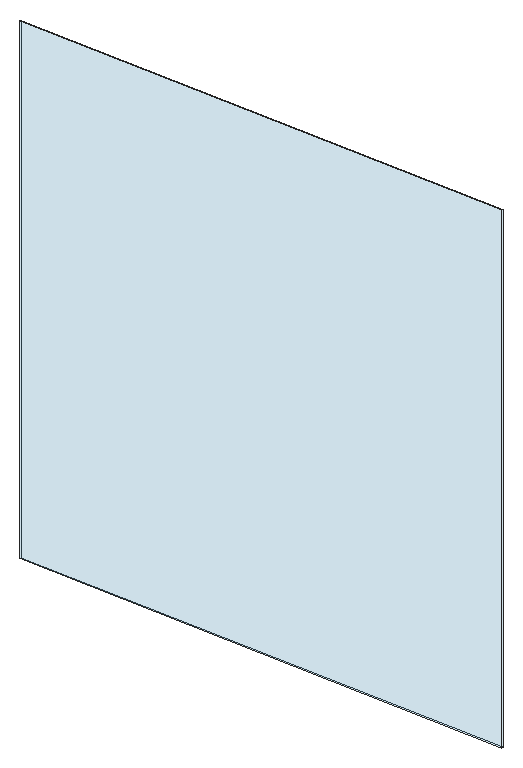
Revit family
Parameters (values of type "72" x 72"")
  Sealant = 0' - 0 3/8"
  SSO [instance] = yes
  SBO [instance] = yes
  Pocket Depth [instance] = 0' - 0 1/2"
  Head Height = Sill Height + Rough Height - Sealant  # 8' - 11 5/8"
  Depth [instance] = 0' - 6"
  Sill Height = 3' - 0"
  Rough Width = 6' - 0"
  Rough Height = 6' - 0"
  Model = "AR600"
  Material = ""
  Manufacturer = "Arcadia"
  Sightline = 0' - 2 3/8"
  Height = Rough Height - Sealant - Sealant  # 5' - 11 1/4"
  Wall Closure = (empty or 0)
  Width = Rough Width - Sealant - Sealant  # 5' - 11 1/4"
  Glass Thickness [instance] = 0' - 0 1/4"
  Offset to Inside Face of Glass [instance] = 0' - 2 7/8"
  Construction Type = "Aluminum"
  Center of Rough Opening [instance] = Rough Width / 2  # 3' - 0"
  Center of Glass [instance] = Glass Thickness / 2  # 0' - 0 1/8"
  Center Wall to Outside Face [instance] = 0' - 2 7/8"
  CSO [instance] = yes
  Assembly Code = ""
Reference planes (in)
  plane 1 "Center (Front/Back)": y = 0
  plane 2: z = 0
  plane 3 "Center (Left/Right)": x = 12
  plane 4 "Rough Opening Bottom": z = 36
  plane 5 "Rough Opening Top": z = 108
  plane 6 "Exterior Face": y = 5.5
  plane 7 "Frame Top": z = 105.625
  plane 8 "Frame Bottom": z = 38.375
  plane 9 "Rough Opening Left": x = -24
  plane 10 "Rough Opening Right": x = 48
  plane 11 "Frame Left": x = -21.625
  plane 12 "Frame Right": x = 45.625
  plane 13 "Exterior Glass Edge": y = 2.01769
  plane 14 "Interior Glass Edge": y = 1.76769
  plane 15 "Glass Centerline": y = 1.89269
  plane 16 "Frame Outside": y = 4.89269
  plane 17 "Frame Inside": y = -1.10731
  plane 18: z = 106.125
  plane 19: z = 37.875
  plane 20: x = 46.125
  plane 21: x = -22.125
  plane 22: x = 47.625
  plane 23: x = -23.625
  plane 24: z = 36.375
  plane 25: z = 107.625
Forms (in)
  Extrusion 1, solid, material "Anodize Arcadia AC2 Clear #11", detail levels coarse
    sketch origin (0, 0, 36) x (0, -1, 0) y (1, 0, 0)
      loop
        line (-4.89269, -24) -> (1.10731, -24) -> (1.10731, -21.625) -> (-1.76769, -21.625) -> (-1.76769, -22.125) -> (-2.01769, -22.125) -> (-2.01769, -21.625) -> (-4.89269, -21.625) -> (-4.89269, -24)
    from 0 to 72 <- "Rough Height"
  Extrusion 2, solid, material "Anodize Arcadia AC2 Clear #11", detail levels coarse
    sketch origin (0, 0, 36) x (0, -1, 0) y (1, 0, 0)
      loop
        line (-4.89269, 45.625) -> (-2.01769, 45.625) -> (-2.01769, 46.125) -> (-1.76769, 46.125) -> (-1.76769, 45.625) -> (1.10731, 45.625) -> (1.10731, 48) -> (-4.89269, 48) -> (-4.89269, 45.625)
    from 0 to 72 <- "Rough Height"
  Extrusion 3, solid, material "Glass"
    sketch origin (-0.5, 0, 36) x (0, -1, 0) y (1, 0, 0)
      loop
        line (-2.01769, -21.625) -> (-1.76769, -21.625) -> (-1.76769, 46.625) -> (-2.01769, 46.625) -> (-2.01769, -21.625)
    from 1.875 to 70.125
  Extrusion 4, solid, material "Anodize Arcadia AC2 Clear #11", detail levels coarse
    sketch origin (-24, 0, 0) x (0, 1, 0) y (0, 0, 1)
      loop
        line (-1.10731, 108) -> (-1.10731, 105.625) -> (1.76769, 105.625) -> (1.76769, 106.125) -> (2.01769, 106.125) -> (2.01769, 105.625) -> (4.89269, 105.625) -> (4.89269, 108) -> (-1.10731, 108)
    from 0 to 72 <- "Rough Width"
  Extrusion 5, solid, material "Anodize Arcadia AC2 Clear #11", detail levels coarse
    sketch origin (-24, 0, 0) x (0, 1, 0) y (0, 0, 1)
      loop
        line (4.89269, 38.375) -> (2.01769, 38.375) -> (2.01769, 37.875) -> (1.76769, 37.875) -> (1.76769, 38.375) -> (-1.10731, 38.375) -> (-1.10731, 36) -> (4.89269, 36) -> (4.89269, 38.375)
    from 0 to 72 <- "Rough Width"
  Extrusion 6, void
    sketch origin (0, 0, 36) x (0, -1, 0) y (1, 0, 0)
      loop
        line (-5.5, -24) -> (2.5, -24) -> (2.5, 48) -> (-5.5, 48) -> (-5.5, -24)
    from 0 to 72 <- "Rough Height"
Lines and regions (in)
  symbolic lines, detail levels coarse
    curve 1: line (-24, 4.89269, 0) -> (-21.625, 4.89269, 0)
    curve 2: line (-21.625, 4.89269, 0) -> (-21.625, 2.01769, 0)
    curve 3: line (46.125, 2.01769, 0) -> (-22.125, 2.01769, 0)
    curve 4: line (-22.125, 2.01769, 0) -> (-22.125, 1.76769, 0)
    curve 5: line (-22.125, 1.76769, 0) -> (46.125, 1.76769, 0)
    curve 6: line (-21.625, 1.76769, 0) -> (-21.625, -1.10731, 0)
    curve 7: line (-21.625, -1.10731, 0) -> (-24, -1.10731, 0)
    curve 8: line (-24, -1.10731, 0) -> (-24, 4.89269, 0)
    curve 9: line (48, 4.89269, 0) -> (45.625, 4.89269, 0)
    curve 10: line (45.625, 4.89269, 0) -> (45.625, 2.01769, 0)
    curve 11: line (46.125, 2.01769, 0) -> (46.125, 1.76769, 0)
    curve 12: line (45.625, 1.76769, 0) -> (45.625, -1.10731, 0)
    curve 13: line (45.625, -1.10731, 0) -> (48, -1.10731, 0)
    curve 14: line (48, -1.10731, 0) -> (48, 4.89269, 0)
Text (in)
  text "EXTERIOR" at (-58.6888, 50.90694, 0), in view "Ref. Level"
  text "INTERIOR" at (-58.6888, -37.76638, 0), in view "Ref. Level"
  text "Exterior" at (0, 43.65631, 123.19604), in view "Left"
  text "Exterior" at (0, 18.29385, 125.04747), in view "Right"
Dimensions and locks (in)
  "Rough Height": plane 4 "Rough Opening Bottom" to plane 5 "Rough Opening Top"
  "Sill Height": plane 2 to plane 4 "Rough Opening Bottom"
  "Sightline": plane 7 "Frame Top" to plane 5 "Rough Opening Top"
  "Sightline": plane 4 "Rough Opening Bottom" to plane 8 "Frame Bottom"
  "Rough Width": plane 9 "Rough Opening Left" to plane 10 "Rough Opening Right"
  "Sightline": plane 9 "Rough Opening Left" to plane 11 "Frame Left"
  "Sightline": plane 12 "Frame Right" to plane 10 "Rough Opening Right"
  "Depth": plane 17 "Frame Inside" to plane 16 "Frame Outside"
  "Glass Thickness": plane 13 "Exterior Glass Edge" to plane 14 "Interior Glass Edge"
  "Center of Glass": plane 15 "Glass Centerline" to plane 14 "Interior Glass Edge"
  "Center of Rough Opening": plane 9 "Rough Opening Left" to plane 3 "Center (Left/Right)"
  "Offset to Inside Face of Glass": plane 17 "Frame Inside" to plane 14 "Interior Glass Edge"
  "Pocket Depth": plane 12 "Frame Right" to plane 20
  "Pocket Depth": plane 21 to plane 11 "Frame Left"
  "Pocket Depth": plane 7 "Frame Top" to plane 18
  "Pocket Depth": plane 19 to plane 8 "Frame Bottom"
  "Sealant": plane 9 "Rough Opening Left" to plane 23
  "Sealant": plane 22 to plane 10 "Rough Opening Right"
  "Sealant": plane 4 "Rough Opening Bottom" to plane 24
  "Sealant": plane 25 to plane 5 "Rough Opening Top"
  aligned and locked: plane 6 "Exterior Face" to host wall
  aligned and locked: Extrusion 1 sketch curve to plane 17 "Frame Inside"
  aligned and locked: plane 16 "Frame Outside" to Extrusion 1 sketch curve
  aligned and locked: Extrusion 1 sketch curve to plane 11 "Frame Left"
  aligned and locked: plane 9 "Rough Opening Left" to Extrusion 1 sketch curve
  aligned and locked: plane 12 "Frame Right" to Extrusion 2 sketch curve
  aligned and locked: Extrusion 2 sketch curve to plane 10 "Rough Opening Right"
  aligned and locked: Extrusion 2 sketch curve to plane 17 "Frame Inside"
  aligned and locked: plane 16 "Frame Outside" to Extrusion 2 sketch curve
  aligned and locked: Extrusion 3 sketch curve to plane 13 "Exterior Glass Edge"
  aligned and locked: plane 14 "Interior Glass Edge" to Extrusion 3 sketch curve
  aligned and locked: plane 5 "Rough Opening Top" to Extrusion 4 sketch curve
  aligned and locked: Extrusion 4 sketch curve to plane 7 "Frame Top"
  aligned and locked: Extrusion 4 sketch curve to plane 17 "Frame Inside"
  aligned and locked: plane 16 "Frame Outside" to Extrusion 4 sketch curve
  aligned and locked: Extrusion 5 sketch curve to plane 4 "Rough Opening Bottom"
  aligned and locked: plane 8 "Frame Bottom" to Extrusion 5 sketch curve
  aligned and locked: Extrusion 5 sketch curve to plane 17 "Frame Inside"
  aligned and locked: plane 16 "Frame Outside" to Extrusion 5 sketch curve
  aligned and locked: plane 4 "Rough Opening Bottom" to nested 3
  aligned and locked: nested 2 to plane 5 "Rough Opening Top"
  aligned and locked: plane 19 to Extrusion 3
  aligned and locked: Extrusion 3 to plane 18
  aligned and locked: plane 17 "Frame Inside" to nested 3
  aligned and locked: plane 17 "Frame Inside" to nested 2
  aligned and locked: nested 1 to plane 16 "Frame Outside"
  aligned and locked: plane 10 "Rough Opening Right" to nested 1
  aligned and locked: nested 4 to plane 9 "Rough Opening Left"
  aligned and locked: plane 17 "Frame Inside" to nested 4
  aligned and locked: plane 13 "Exterior Glass Edge" to Extrusion 5 sketch curve
  aligned and locked: Extrusion 5 sketch curve to plane 14 "Interior Glass Edge"
  aligned and locked: plane 19 to Extrusion 5 sketch curve
  aligned and locked: Extrusion 4 sketch curve to plane 13 "Exterior Glass Edge"
  aligned and locked: plane 18 to Extrusion 4 sketch curve
  aligned and locked: plane 14 "Interior Glass Edge" to Extrusion 4 sketch curve
  aligned and locked: plane 14 "Interior Glass Edge" to Extrusion 2 sketch curve
  aligned and locked: Extrusion 2 sketch curve to plane 20
  aligned and locked: Extrusion 2 sketch curve to plane 13 "Exterior Glass Edge"
  aligned and locked: Extrusion 1 sketch curve to plane 14 "Interior Glass Edge"
  aligned and locked: Extrusion 1 sketch curve to plane 21
  aligned and locked: plane 13 "Exterior Glass Edge" to Extrusion 1 sketch curve
  aligned and locked: plane 16 "Frame Outside" to curve 1
  aligned and locked: plane 9 "Rough Opening Left" to curve 8
  aligned and locked: curve 2 to plane 11 "Frame Left"
  aligned and locked: curve 6 to plane 11 "Frame Left"
  aligned and locked: curve 4 to plane 21
  aligned and locked: curve 7 to plane 17 "Frame Inside"
  aligned and locked: curve 5 to plane 14 "Interior Glass Edge"
  aligned and locked: plane 13 "Exterior Glass Edge" to curve 3
  aligned and locked: curve 10 to plane 12 "Frame Right"
  aligned and locked: curve 12 to plane 12 "Frame Right"
  aligned and locked: curve 11 to plane 20
  aligned and locked: plane 10 "Rough Opening Right" to curve 14
  aligned and locked: curve 9 to plane 16 "Frame Outside"
  aligned and locked: plane 17 "Frame Inside" to curve 13
  aligned and locked: plane 16 "Frame Outside" to import instance  (x3)
  aligned and locked: plane 9 "Rough Opening Left" to import instance  (x3)
  aligned and locked: import instance to plane 16 "Frame Outside"  (x3)
  aligned and locked: import instance to plane 10 "Rough Opening Right"  (x3)
  aligned and locked: plane 13 "Exterior Glass Edge" to import instance  (x3)
  aligned and locked: import instance to plane 4 "Rough Opening Bottom"  (x3)
  aligned and locked: import instance to plane 13 "Exterior Glass Edge"  (x3)
  aligned and locked: plane 5 "Rough Opening Top" to import instance  (x3)
  aligned and locked: level to plane 2
  aligned and locked: plane 9 "Rough Opening Left" to Extrusion 6 sketch curve
  aligned and locked: plane 6 "Exterior Face" to Extrusion 6 sketch curve
  aligned and locked: host wall to Extrusion 6 sketch curve
  aligned and locked: plane 10 "Rough Opening Right" to Extrusion 6 sketch curve
Automatic sketch dimensions
  Extrusion 3 sketch curve to plane 21 = 0' - 0"
  Extrusion 3 sketch curve to plane 20 = 0' - 0"
  Extrusion 5 sketch curve to plane 8 "Frame Bottom" = 0' - 0"
  Extrusion 4 sketch curve to plane 7 "Frame Top" = 0' - 0"
  Extrusion 2 sketch curve to plane 12 "Frame Right" = 0' - 0"
  Extrusion 1 sketch curve to plane 11 "Frame Left" = 0' - 0"
Nested families (in)
  nested 1: "Window-Arcadia-AR600-Med-Jamb-R" at (46.9375, 1.89269, 0) x (-1, 0, 0) z (0, 0, 1), type "Window-Arcadia-AR600-Med-Jamb-R", detail levels medium
    with Sightline 0' - 2 3/8", Pocket Depth 0' - 0 1/2", Offset to Inside Face of Glass 0' - 2 7/8", Glass Width 0' - 0 1/4", Frame Wall Thickness 0' - 0 3/32", Depth 0' - 6", Center of Glass 0' - 0 1/8"
  nested 2: "Window-Arcadia-AR600-Med-Head" at (33.875, 1.89269, 108) x (0, -1, 0) z (1, 0, 0), type "Window-Arcadia-AR600-Med-Head", detail levels medium
    with Sightline 0' - 2 3/8", Pocket Depth 0' - 0 1/2", Offset to Inside Face of Glass 0' - 2 7/8", Glass Width 0' - 0 1/4", Frame Wall Thickness 0' - 0 3/32", Depth 0' - 6", Center of Glass 0' - 0 1/8"
  nested 3: "Window-Arcadia-AR600-Med-Sill" at (33.875, 1.89269, 36) x (0, -1, 0) z (1, 0, 0), type "Window-Arcadia-AR600-Med-Sill", detail levels medium
    with Sightline 0' - 2 3/8", Pocket Depth 0' - 0 1/2", Offset to Inside Face of Glass 0' - 2 7/8", Glass Width 0' - 0 1/4", Frame Wall Thickness 0' - 0 3/32", Depth 0' - 6", Center of Glass 0' - 0 1/8"
  nested 4: "Window-Arcadia-AR600-Med-Jamb-L" at (-22.9375, 1.89269, 0) x (-1, 0, 0) z (0, 0, 1), type "Window-Arcadia-AR600-Med-Jamb-L", detail levels medium
    with Sightline 0' - 2 3/8", Pocket Depth 0' - 0 1/2", Offset to Inside Face of Glass 0' - 2 7/8", Glass Width 0' - 0 1/4", Frame Wall Thickness 0' - 0 3/32", Depth 0' - 6", Center of Glass 0' - 0 1/8"
Definition of nested family "Window-Arcadia-AR600-Med-Jamb-R"
  Parameters (values of type "Window-Arcadia-TC670-Med-Jamb-R")
    Depth [instance] = 0' - 6"
    Pocket Depth [instance] = 0' - 0 3/4"
    Offset to Inside Face of Glass [instance] = 0' - 4"
    Glass Width [instance] = 0' - 1"
    Sightline [instance] = 0' - 2 5/8"
    Center of Glass [instance] = Glass Width / 2  # 0' - 0 1/2"
    Frame Wall Thickness [instance] = 0' - 0 3/32"
    Assembly Code = ""
  Reference planes (in)
    plane 1 "Center (Front/Back)": y = 0
    plane 2: z = 0
    plane 3: x = 1.5625
    plane 4 "back": x = -1.0625
    plane 5: y = 4.5
    plane 6: y = -1.5
    plane 7 "Inside Face of Glass": y = 0.5
    plane 8: y = -0.5
    plane 9: x = 0.8125
  Lines and regions (in)
    detail lines, in view "Ref. Level", detail levels medium
      curve 1: line (-1.0625, 4.5, 0) -> (-1.0625, -1.5, 0)
      curve 2: line (-1.0625, -1.5, 0) -> (1.5625, -1.5, 0)
      curve 3: line (1.5625, -1.5, 0) -> (1.5625, -0.5, 0)
      curve 4: line (1.5625, -0.5, 0) -> (0.8125, -0.5, 0)
      curve 5: line (0.8125, -0.5, 0) -> (0.8125, 0.5, 0)
      curve 6: line (0.8125, 0.5, 0) -> (1.5625, 0.5, 0)
      curve 7: line (1.5625, 0.5, 0) -> (1.5625, 4.5, 0)
      curve 8: line (1.5625, 4.5, 0) -> (-1.0625, 4.5, 0)
      curve 9: line (1.46875, 4.40625, 0) -> (-0.96875, 4.40625, 0)
      curve 10: line (-0.96875, 4.40625, 0) -> (-0.96875, -1.40625, 0)
      curve 11: line (-0.96875, -1.40625, 0) -> (1.46875, -1.40625, 0)
      curve 12: line (1.46875, -1.40625, 0) -> (1.46875, -0.59375, 0)
      curve 13: line (1.46875, -0.59375, 0) -> (0.71875, -0.59375, 0)
      curve 14: line (0.71875, -0.59375, 0) -> (0.71875, 0.59375, 0)
      curve 15: line (0.71875, 0.59375, 0) -> (1.46875, 0.59375, 0)
      curve 16: line (1.46875, 0.59375, 0) -> (1.46875, 4.40625, 0)
      curve 17: line (1.5625, 4.5, 0) -> (-1.0625, 4.5, 0)
      curve 18: line (-1.0625, 4.40625, 0) -> (-1.0625, -1.5, 0)
  Dimensions and locks (in)
    "Sightline": plane 4 "back" to plane 3
    "Depth": plane 5 to plane 6
    "Center of Glass": plane 1 "Center (Front/Back)" to plane 7 "Inside Face of Glass"
    "Glass Width": plane 8 to plane 7 "Inside Face of Glass"
    "Pocket Depth": plane 9 to plane 3
    "Offset to Inside Face of Glass": plane 5 to plane 7 "Inside Face of Glass"
    "Frame Wall Thickness": plane 5 to curve 9
    "Frame Wall Thickness": plane 4 "back" to curve 10
    "Frame Wall Thickness": curve 11 to plane 6
    "Frame Wall Thickness": curve 12 to plane 3
    "Frame Wall Thickness": curve 13 to plane 8
    "Frame Wall Thickness": plane 7 "Inside Face of Glass" to curve 15
    "Frame Wall Thickness": curve 14 to plane 9
    "Frame Wall Thickness": curve 16 to plane 3
    aligned and locked: plane 5 to curve 8
    aligned and locked: curve 1 to plane 4 "back"
    aligned and locked: curve 2 to plane 6
    aligned and locked: plane 3 to curve 3
    aligned and locked: curve 4 to plane 8
    aligned and locked: plane 9 to curve 5
    aligned and locked: plane 7 "Inside Face of Glass" to curve 6
    aligned and locked: plane 3 to curve 7
  Automatic sketch dimensions
    curve 18 to curve 9 = 0' - 0"
Definition of nested family "Window-Arcadia-AR600-Med-Head"
  Parameters (values of type "Window-Arcadia-A400-Med-Head")
    Depth [instance] = 0' - 6"
    Pocket Depth [instance] = 0' - 0 1/2"
    Offset to Inside Face of Glass [instance] = 0' - 4"
    Glass Width [instance] = 0' - 1"
    Sightline [instance] = 0' - 2 5/8"
    Center of Glass [instance] = Glass Width / 2  # 0' - 0 1/2"
    Frame Wall Thickness [instance] = 0' - 0 3/32"
    Assembly Code = ""
  Reference planes (in)
    plane 1 "Center (Front/Back)": y = 0
    plane 2: z = 0
    plane 3 "Center (Left/Right)": x = 0
    plane 4: x = -0.5
    plane 5 "Inside Face of Glass": x = 0.5
    plane 6: y = -2.625
    plane 7: x = 4.5
    plane 8: x = -1.5
    plane 9: y = -2.125
  Lines and regions (in)
    detail lines, in view "Ref. Level", detail levels medium
      curve 1: line (-1.5, 0, 0) -> (-1.5, -2.625, 0)
      curve 2: line (-1.5, -2.625, 0) -> (-0.5, -2.625, 0)
      curve 3: line (-0.5, -2.625, 0) -> (-0.5, -2.125, 0)
      curve 4: line (-0.5, -2.125, 0) -> (0.5, -2.125, 0)
      curve 5: line (0.5, -2.125, 0) -> (0.5, -2.625, 0)
      curve 6: line (0.5, -2.625, 0) -> (4.5, -2.625, 0)
      curve 7: line (4.5, -2.625, 0) -> (4.5, 0, 0)
      curve 8: line (4.5, 0, 0) -> (-1.5, 0, 0)
      curve 9: line (-1.40625, -0.09375, 0) -> (-1.40625, -2.53125, 0)
      curve 10: line (4.40625, -0.09375, 0) -> (-1.40625, -0.09375, 0)
      curve 11: line (4.40625, -2.53125, 0) -> (4.40625, -0.09375, 0)
      curve 12: line (0.59375, -2.53125, 0) -> (4.40625, -2.53125, 0)
      curve 13: line (-1.40625, -2.53125, 0) -> (-0.59375, -2.53125, 0)
      curve 14: line (-0.59375, -2.53125, 0) -> (-0.59375, -2.03125, 0)
      curve 15: line (-0.59375, -2.03125, 0) -> (0.59375, -2.03125, 0)
      curve 16: line (0.59375, -2.03125, 0) -> (0.59375, -2.53125, 0)
  Dimensions and locks (in)
    "Sightline": plane 6 to plane 1 "Center (Front/Back)"
    "Depth": plane 8 to plane 7
    "Pocket Depth": plane 6 to plane 9
    "Offset to Inside Face of Glass": plane 5 "Inside Face of Glass" to plane 7
    "Glass Width": plane 4 to plane 5 "Inside Face of Glass"
    "Center of Glass": plane 3 "Center (Left/Right)" to plane 5 "Inside Face of Glass"
    "Frame Wall Thickness": plane 8 to curve 9
    "Frame Wall Thickness": curve 10 to plane 1 "Center (Front/Back)"
    "Frame Wall Thickness": curve 11 to plane 7
    "Frame Wall Thickness": plane 6 to curve 12
    "Frame Wall Thickness": plane 6 to curve 13
    "Frame Wall Thickness": plane 9 to curve 15
    "Frame Wall Thickness": plane 5 "Inside Face of Glass" to curve 16
    "Frame Wall Thickness": curve 14 to plane 4
    aligned and locked: curve 8 to plane 1 "Center (Front/Back)"
    aligned and locked: plane 7 to curve 7
    aligned and locked: curve 1 to plane 8
    aligned and locked: plane 9 to curve 4
    aligned and locked: plane 4 to curve 3
    aligned and locked: plane 6 to curve 2
    aligned and locked: plane 6 to curve 6
  Automatic sketch dimensions
    curve 5 to plane 5 "Inside Face of Glass" = 0' - 0"
Definition of nested family "Window-Arcadia-AR600-Med-Sill"
  Parameters (values of type "Window-Arcadia-A400-Med-Sill")
    Depth [instance] = 0' - 6"
    Pocket Depth [instance] = 0' - 0 1/2"
    Offset to Inside Face of Glass [instance] = 0' - 4"
    Glass Width [instance] = 0' - 1"
    Sightline [instance] = 0' - 2 5/8"
    Center of Glass [instance] = Glass Width / 2  # 0' - 0 1/2"
    Frame Wall Thickness [instance] = 0' - 0 3/32"
    Assembly Code = ""
  Reference planes (in)
    plane 1 "Center (Front/Back)": y = 0
    plane 2: z = 0
    plane 3 "Center (Left/Right)": x = 0
    plane 4: x = -0.5
    plane 5 "Inside Face of Glass": x = 0.5
    plane 6: y = 2.625
    plane 7: x = 4.5
    plane 8: x = -1.5
    plane 9: y = 2.125
  Lines and regions (in)
    detail lines, in view "Ref. Level", detail levels medium
      curve 1: line (-1.5, 2.625, 0) -> (-1.5, 0, 0)
      curve 2: line (-1.5, 0, 0) -> (4.5, 0, 0)
      curve 3: line (4.5, 0, 0) -> (4.5, 2.625, 0)
      curve 4: line (4.5, 2.625, 0) -> (0.5, 2.625, 0)
      curve 5: line (0.5, 2.625, 0) -> (0.5, 2.125, 0)
      curve 6: line (0.5, 2.125, 0) -> (-0.5, 2.125, 0)
      curve 7: line (-0.5, 2.125, 0) -> (-0.5, 2.625, 0)
      curve 8: line (-0.5, 2.625, 0) -> (-1.5, 2.625, 0)
      curve 9: line (-0.59375, 2.53125, 0) -> (-1.40625, 2.53125, 0)
      curve 10: line (-1.40625, 2.53125, 0) -> (-1.40625, 0.09375, 0)
      curve 11: line (-1.40625, 0.09375, 0) -> (4.40625, 0.09375, 0)
      curve 12: line (4.40625, 0.09375, 0) -> (4.40625, 2.53125, 0)
      curve 13: line (4.40625, 2.53125, 0) -> (0.59375, 2.53125, 0)
      curve 14: line (0.59375, 2.53125, 0) -> (0.59375, 2.03125, 0)
      curve 15: line (0.59375, 2.03125, 0) -> (-0.59375, 2.03125, 0)
      curve 16: line (-0.59375, 2.03125, 0) -> (-0.59375, 2.53125, 0)
  Dimensions and locks (in)
    "Pocket Depth": plane 9 to plane 6
    "Sightline": plane 1 "Center (Front/Back)" to plane 6
    "Depth": plane 8 to plane 7
    "Offset to Inside Face of Glass": plane 5 "Inside Face of Glass" to plane 7
    "Glass Width": plane 4 to plane 5 "Inside Face of Glass"
    "Center of Glass": plane 3 "Center (Left/Right)" to plane 5 "Inside Face of Glass"
    "Frame Wall Thickness": curve 9 to plane 6
    "Frame Wall Thickness": plane 8 to curve 10
    "Frame Wall Thickness": plane 1 "Center (Front/Back)" to curve 11
    "Frame Wall Thickness": curve 12 to plane 7
    "Frame Wall Thickness": curve 13 to plane 6
    "Frame Wall Thickness": plane 5 "Inside Face of Glass" to curve 14
    "Frame Wall Thickness": curve 15 to plane 9
    "Frame Wall Thickness": curve 16 to plane 4
    aligned and locked: plane 1 "Center (Front/Back)" to curve 2
    aligned and locked: plane 7 to curve 3
    aligned and locked: curve 1 to plane 8
    aligned and locked: curve 8 to plane 6
    aligned and locked: curve 4 to plane 6
    aligned and locked: curve 6 to plane 9
    aligned and locked: curve 5 to plane 5 "Inside Face of Glass"
    aligned and locked: plane 4 to curve 7
  Automatic sketch dimensions
    curve 7 to plane 9 = 0' - 0"
Definition of nested family "Window-Arcadia-AR600-Med-Jamb-L"
  Parameters (values of type "Window-Arcadia-TC670-Med-Jamb-L")
    Depth [instance] = 0' - 6"
    Pocket Depth [instance] = 0' - 0 1/2"
    Offset to Inside Face of Glass [instance] = 0' - 4"
    Glass Width [instance] = 0' - 1"
    Sightline [instance] = 0' - 2 1/8"
    Center of Glass [instance] = Glass Width / 2  # 0' - 0 1/2"
    Frame Wall Thickness [instance] = 0' - 0 3/32"
    Assembly Code = ""
  Reference planes (in)
    plane 1 "Center (Front/Back)": y = 0
    plane 2: z = 0
    plane 3 "BACK": x = 1.0625
    plane 4 "FRONT": x = -1.0625
    plane 5: y = 1.5
    plane 6: y = -4.5
    plane 7 "Inside Face of Glass": y = 0.5
    plane 8: y = -0.5
    plane 9: x = -0.5625
  Lines and regions (in)
    detail lines, in view "Ref. Level", detail levels medium
      curve 1: line (1.0625, 1.5, 0) -> (1.0625, -4.5, 0)
      curve 2: line (1.0625, -4.5, 0) -> (-1.0625, -4.5, 0)
      curve 3: line (-1.0625, -4.5, 0) -> (-1.0625, -0.5, 0)
      curve 4: line (-1.0625, -0.5, 0) -> (-0.5625, -0.5, 0)
      curve 5: line (-0.5625, -0.5, 0) -> (-0.5625, 0.5, 0)
      curve 6: line (-0.5625, 0.5, 0) -> (-1.0625, 0.5, 0)
      curve 7: line (-1.0625, 0.5, 0) -> (-1.0625, 1.5, 0)
      curve 8: line (-1.0625, 1.5, 0) -> (1.0625, 1.5, 0)
      curve 9: line (-0.96875, 1.40625, 0) -> (0.96875, 1.40625, 0)
      curve 10: line (-0.96875, 0.59375, 0) -> (-0.96875, 1.40625, 0)
      curve 11: line (-0.46875, 0.59375, 0) -> (-0.96875, 0.59375, 0)
      curve 12: line (-0.46875, -0.59375, 0) -> (-0.46875, 0.59375, 0)
      curve 13: line (-0.96875, -0.59375, 0) -> (-0.46875, -0.59375, 0)
      curve 14: line (-0.96875, -4.40625, 0) -> (-0.96875, -0.59375, 0)
      curve 15: line (0.96875, -4.40625, 0) -> (-0.96875, -4.40625, 0)
      curve 16: line (0.96875, 1.40625, 0) -> (0.96875, -4.40625, 0)
  Dimensions and locks (in)
    "Depth": plane 5 to plane 6
    "Pocket Depth": plane 4 "FRONT" to plane 9
    "Sightline": plane 4 "FRONT" to plane 3 "BACK"
    "Glass Width": plane 8 to plane 7 "Inside Face of Glass"
    "Center of Glass": plane 1 "Center (Front/Back)" to plane 7 "Inside Face of Glass"
    "Frame Wall Thickness": plane 4 "FRONT" to curve 10
    "Frame Wall Thickness": plane 5 to curve 9
    "Frame Wall Thickness": curve 15 to plane 6
    "Frame Wall Thickness": curve 13 to plane 8
    "Frame Wall Thickness": plane 9 to curve 12
    "Frame Wall Thickness": plane 7 "Inside Face of Glass" to curve 11
    "Frame Wall Thickness": plane 4 "FRONT" to curve 14
    "Offset to Inside Face of Glass": plane 6 to plane 8
    aligned and locked: curve 8 to plane 5
    aligned and locked: curve 1 to plane 3 "BACK"
    aligned and locked: plane 6 to curve 2
    aligned and locked: curve 3 to plane 4 "FRONT"
    aligned and locked: plane 8 to curve 4
    aligned and locked: plane 9 to curve 5
    aligned and locked: curve 6 to plane 7 "Inside Face of Glass"
    aligned and locked: plane 4 "FRONT" to curve 7
  Automatic sketch dimensions
    curve 16 to plane 3 "BACK" = 0' - 0 3/32"
